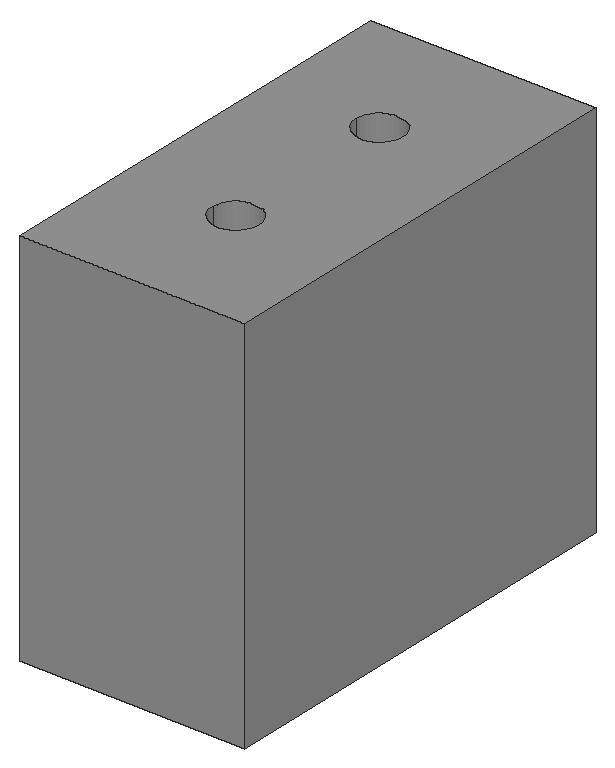
Revit family "Domotics-DomesticRanges-GEWISS-SYSTEM_POWER-SOCKET-OUTLET_SELV", category Apparecchi elettrici, host Superficie, Revit 2016
Family settings
  Host = Superficie
  Mantenere orientamento annotazione = Sì
  Tipo di parte = Normale
  Quota connettore circolare = Usa diametro
  Taglio con vuoti quando caricato = Sì
  Condiviso = Sì
  Punto di calcolo locali = Sì
Parameters (values of type "GW21239 - 2P 6A 24V SPECIAL SOCKET OUTLET SY/BK")
  Volt = 230 V
  Vista in pianta [instance] = yes
  Version file RFA = "19.4"
  URL = "https://www.gewiss.com/ww/en"
  Tipo_ = SYSTEM PRESE SELV_GENERICO : GW21239 Presa 2P 6A 24V (SELV) nero
  Technical sheet = "https://www.gewiss.com/ww/en/search?q=GW21239"
  Simbolo [instance] = yes
  SEO = "Socket outlet"
  Realized by GEWISS S.p.A. = ""
  Default Elevation = 1219.2 mm
  Produttore = "GEWISS S.p.A."
  Offset presa [instance] = 0 mm
  Offset bidimensionale [instance] = 39 mm
  No. SYSTEM modules = "1"
  N. poli = 1
  Modello = "GW21239"
  Immagine tipo = GW21239.jpg
  IFC.TypeObject = ""
  IFC.ExportType = ""
  IFC.ExportAs = ""
  IDT = "284d53f3-d621-47bc-a15e-241f232f9a30"
  IDF = "b1934aa8-3b83-4d95-84d8-9b7d365c25ca"
  For plug pins = "Ø 3 mm"
  Electrocod = "0131                "
  EAN code = "8011564128767"
  Distanza_x [instance] = 0 mm
  Distanza_effettiva_y [instance] = 100 mm
  Distanza_effettiva_x [instance] = 1000 mm - Distanza_x  # 1000 mm
  Distanza orizzontale del simbolo [instance] = 114.847 mm
  Distanza dal muro [instance] = 4.208 mm
  Descrizione = "2P 6A 24V SPECIAL SOCKET OUTLET SY/BK"
  Description: = "2P - 6A - 24V"
  Colour = "Black"
  Centre distance = "12,4MM"
  Catalogue Range = "SYSTEM - DOMESTIC RANGE"
  Catalogue = "DOMOTICS"
  Carico apparente = 0 VA
  COBie.Tagnumber = ""
  COBie.CreatedOn = ""
  COBie.CreatebBy = ""
  COBie.ComponentRegisterItemID = ""
  COBie.Component.TagNumber = ""
  COBie.Component.Space = ""
  COBie.Component.SerialNumber = ""
  COBie.Component.InstallationDate = ""
  COBie.Component.Description = ""
  COBie.Component.BarCode = ""
Types (2, lengths in mm): name | Tipo_ | Technical sheet | Modello | Immagine tipo | IDT | EAN code | Descrizione | Colour
  GW20239 - 2P 6A 24V SPECIAL SOCKET OUTLET SY/WT | SYSTEM PRESE SELV_GENERICO : GW20239 Presa 2P 6A 24V (SELV) bianco | "https://www.gewiss.com/ww/en/search?q=GW20239" | "GW20239" | GW20239.jpg | "ee76cb3e-e506-442b-92c3-f801309f163b" | "8011564000711" | "2P 6A 24V SPECIAL SOCKET OUTLET SY/WT" | "White"
  GW21239 - 2P 6A 24V SPECIAL SOCKET OUTLET SY/BK | SYSTEM PRESE SELV_GENERICO : GW21239 Presa 2P 6A 24V (SELV) nero | "https://www.gewiss.com/ww/en/search?q=GW21239" | "GW21239" | GW21239.jpg | "284d53f3-d621-47bc-a15e-241f232f9a30" | "8011564128767" | "2P 6A 24V SPECIAL SOCKET OUTLET SY/BK" | "Black"
Reference planes
  plane 1 "Centro (Fronte/Retro)": y = 0
  plane 2: z = 0
  plane 3 "Centro (Sinistra/Destra)": x = 0
  plane 4: x = -1000
  plane 5: x = 0
  plane 6: y = 100
  plane 7: z = 0
  plane 8 "Piano bidimensionale": z = 39
  plane 9: z = 39
Lines and regions (mm)
  Masking region 1, visible <- "Vista in pianta"
    outline origin (0, 0, 0) x (1, 0, 0) y (0, 1, 0)
      loop
        line (-11.5, 22.5) -> (-11.5, -22.5) -> (11.5, -22.5) -> (11.5, 22.5) -> (-11.5, 22.5)
      loop
        circle (0, -9.2) r 2.42
      loop
        circle (0, 9.2) r 2.42
  Masking region 2, visible <- "Vista in pianta"
    outline origin (0, 0, 0) x (1, 0, 0) y (0, 0, 1)
      loop
        line (11.5, 0) -> (11.5, 28) -> (-11.5, 28) -> (-11.5, 0) -> (11.5, 0)
  Masking region 3, visible <- "Vista in pianta"
    outline origin (0, 0, 0) x (0, 1, 0) y (0, 0, 1)
      loop
        line (22.5, 0) -> (22.5, 39) -> (-22.5, 39) -> (-22.5, 0) -> (22.5, 0)
  model lines, style "0", detail levels coarse
    curve 1: line (11.5, -22.5, 39) -> (11.5, 22.5, 39)
    curve 2: line (11.5, 22.5, 39) -> (-11.5, 22.5, 39)
    curve 3: line (-11.5, 22.5, 39) -> (-11.5, -22.5, 39)
    curve 4: line (-11.5, -22.5, 39) -> (11.5, -22.5, 39)
    curve 5: circle (0, 9.2, 39) r 2.42 normal (0, 0, 1)
    curve 6: circle (0, -9.2, 39) r 2.42 normal (0, 0, 1)
  model lines, style "0", not visible, detail levels coarse
    curve 7: line (73.442, 8.471, 39) -> (73.442, 53.471, 39)
    curve 8: line (73.442, 53.471, 39) -> (50.442, 53.471, 39)
    curve 9: line (50.442, 53.471, 39) -> (50.442, 8.471, 39)
    curve 10: line (50.442, 8.471, 39) -> (73.442, 8.471, 39)
    curve 11: circle (61.942, 40.171, 39) r 2.42 normal (0, 0, 1)
    curve 12: circle (61.942, 21.77, 39) r 2.42 normal (0, 0, 1)
Dimensions and locks
  plane 4 to plane 3 "Centro (Sinistra/Destra)" = 1000 mm
  "Distanza_effettiva_x": plane 4 to plane 5
  "Distanza_effettiva_y": plane 6 to plane 1 "Centro (Fronte/Retro)"
  "Offset presa": plane 7 to host face
  "Offset bidimensionale": plane 8 "Piano bidimensionale" to host face
  locked: plane 9 to plane 7 at 39
  aligned and locked: plane 2 to host face
  aligned and locked: level to host face
  aligned and locked: plane 3 "Centro (Sinistra/Destra)" to nested 1
  aligned and locked: plane 1 "Centro (Fronte/Retro)" to nested 1
  aligned and locked: nested 2 to plane 5
  aligned and locked: nested 2 to plane 6
  aligned and locked: nested 1 to plane 7
  aligned and locked: Masking region 2 sketch curve to nested 1  (x2)
  aligned and locked: Masking region 2 to plane 7
  aligned and locked: plane 7 to nested 1  (x2)
  aligned and locked: nested 1 to plane 9  (x2)
  aligned and locked: Masking region 3 sketch curve to nested 1  (x2)
  aligned and locked: Masking region 3 to plane 7
  aligned and locked: Masking region 3 to plane 9
  aligned and locked: plane 9 to nested 1
Automatic sketch dimensions
  host sketch curve to host sketch curve = 2438.4 mm  (x2)
  Masking region 1 sketch curve to plane 3 "Centro (Sinistra/Destra)" = 11.5 mm
  Masking region 1 sketch curve to plane 1 "Centro (Fronte/Retro)" = 22.5 mm
  plane 3 "Centro (Sinistra/Destra)" to Masking region 1 sketch curve = 11.5 mm
  plane 1 "Centro (Fronte/Retro)" to Masking region 1 sketch curve = 22.5 mm
  Masking region 1 sketch curve to plane 3 "Centro (Sinistra/Destra)" = 0 mm  (x2)
  plane 1 "Centro (Fronte/Retro)" to Masking region 1 sketch curve = 9.2 mm
  Masking region 1 sketch curve to Masking region 1 sketch curve = 2.42 mm  (x2)
  Masking region 1 sketch curve to Masking region 1 sketch curve = 0 mm  (x2)
  Masking region 1 sketch curve to plane 1 "Centro (Fronte/Retro)" = 9.2 mm
  Masking region 2 sketch curve to plane 7 = 0 mm
  Masking region 2 sketch curve to plane 8 "Piano bidimensionale" = 11 mm
  Masking region 3 sketch curve to plane 7 = 0 mm
  plane 9 to Masking region 3 sketch curve = 0 mm
Nested families
  nested 1: "SYSTEM PRESE SELV_GENERICO" at (0, 0, 0), type <- "Tipo_", type "GW21239 Presa 2P 6A 24V (SELV) nero", detail levels medium+fine
  nested 2: "SIMBOLO" at (0, 100, 0), visible <- "Simbolo", SIMBOLO <- "Simbolo", type "SUONERIA"
    with SIMBOLO yes, Distanza dal muro 4.208 mm, BORDO ACCESO yes
Connectors
  electrical at (0, 0, 0), driven by "N. poli", driven by "Volt", driven by "Carico apparente"
    settings: on nested 1, index 1, voltage 230 V, apparent load 0 VA, apparent load phase1 0 VA, apparent load phase2 0 VA, apparent load phase3 0 VA, power factor 1, load classification "Altro", number of poles 1, system type 31, power factor state 1, is connector primary yes, connector utility no, sub classification motor no, connector description ""
Definition of nested family "SYSTEM PRESE SELV_GENERICO"
  Parameters (values of type "GW20239 Presa 2P 6A 24V (SELV) bianco")
    Profondità presa = 39 mm
    L = 23 mm
    H = 45 mm
    Finitura = none
    Altezza da Terra = 750 mm
  Types (2): name
    GW20239 Presa 2P 6A 24V (SELV) bianco
    GW21239 Presa 2P 6A 24V (SELV) nero
  Reference planes
    plane 1 "Centro (Fronte/Retro)": y = 0
    plane 2: z = 0
    plane 3 "Centro (Sinistra/Destra)": x = 0
    plane 4: x = -11.5
    plane 5: x = 11.5
    plane 6: z = 39
    plane 7: y = 22.5
    plane 8: y = -22.5
    plane 9: z = 29
  Forms (mm)
    Extrusion 1, solid, material <- "Finitura"
      sketch origin (0, 0, 0) x (1, 0, 0) y (0, 1, 0)
        loop
          line (-11.5, 22.5) -> (-11.5, -22.5) -> (11.5, -22.5) -> (11.5, 22.5) -> (-11.5, 22.5)
      from 0 to 39
    Extrusion 2, void
      sketch origin (0, 0, 0) x (1, 0, 0) y (0, 1, 0)
        loop
          circle (0, 9.2) r 2.42
        loop
          circle (0, -9.2) r 2.42
      from 29 to 39
  Cuts and joins
    Extrusion 2 cuts Extrusion 1
  Dimensions and locks
    "Profondità presa": plane 6 to level
    equal spacing: plane 4, plane 3 "Centro (Sinistra/Destra)", plane 5
    "L": plane 4 to plane 5
    equal spacing: plane 7, plane 1 "Centro (Fronte/Retro)", plane 8
    "H": plane 7 to plane 8
    plane 6 to plane 9 = 10 mm
    aligned and locked: level to plane 2
    aligned and locked: Extrusion 1 sketch curve to plane 4
    aligned and locked: Extrusion 1 sketch curve to plane 7
    aligned and locked: Extrusion 1 sketch curve to plane 5
    aligned and locked: Extrusion 1 sketch curve to plane 8
    aligned and locked: Extrusion 1 to level
    aligned and locked: plane 6 to Extrusion 1
    aligned and locked: Extrusion 2 to plane 9
    aligned and locked: plane 6 to Extrusion 2
Definition of nested family "SIMBOLO"
  Parameters (values of type "SUONERIA")
    Simbolo = SIMBOLO SEGNAL ACUSTICA_BASE : SUONERIA
    SIMBOLO [instance] = yes
    Distanza dal muro [instance] = 4.208 mm
    BORDO ACCESO [instance] = yes
  Types (2, lengths in mm): name | Simbolo
    SUONERIA | SIMBOLO SEGNAL ACUSTICA_BASE : SUONERIA
    RONZATORE | SIMBOLO SEGNAL ACUSTICA_BASE : RONZATORE
  Reference planes
    plane 1: y = 0
    plane 2: x = 0
  Dimensions and locks
    aligned and locked: plane 2 to nested 1
    aligned and locked: plane 1 to nested 1
  Nested families
    nested 1: "SIMBOLO SEGNAL ACUSTICA_BASE" at (0, 0, 0), BORDO ACCESO <- "BORDO ACCESO", type <- "Simbolo", visible <- "SIMBOLO", type "SUONERIA"
      with BORDO ACCESO yes
  Definition of nested family "SIMBOLO SEGNAL ACUSTICA_BASE"
    Parameters (values of type "SUONERIA E")
      SUONERIA E = yes
      SUONERIA = no
      RONZATORE = no
      Distanza dal muro = 4.208 mm
      BORDO ACCESO [instance] = yes
    Types (4, lengths in mm): name | SUONERIA E | SUONERIA | RONZATORE
      COMM | yes | yes | yes
      SUONERIA | no | yes | no
      SUONERIA E | yes | no | no
      RONZATORE | no | no | yes
    Reference planes
      plane 1: y = 0
      plane 2: x = 0
    Lines and regions (mm)
      detail lines, visible <- "BORDO ACCESO", not visible
        curve 1: line (-1.743, 9.208, 0) -> (2.057, 9.208, 0)
        curve 2: line (2.057, 9.208, 0) -> (2.057, 4.208, 0)
        curve 3: line (2.057, 4.208, 0) -> (-1.743, 4.208, 0)
        curve 4: line (-1.743, 4.208, 0) -> (-1.743, 9.208, 0)
        curve 5: line (-1.543, 9.008, 0) -> (1.857, 9.008, 0)
        curve 6: line (1.857, 9.008, 0) -> (1.857, 4.408, 0)
        curve 7: line (1.857, 4.408, 0) -> (-1.543, 4.408, 0)
        curve 8: line (-1.543, 4.408, 0) -> (-1.543, 9.008, 0)
      detail lines, visible <- "SUONERIA E", not visible
        curve 9: line (-0.396, -1.509, 0) -> (-0.094, -0.868, 0)
      detail lines, not visible
        curve 10: circle (-0.493, -1.534, 0) r 0.1 normal (0, 0, 1)
